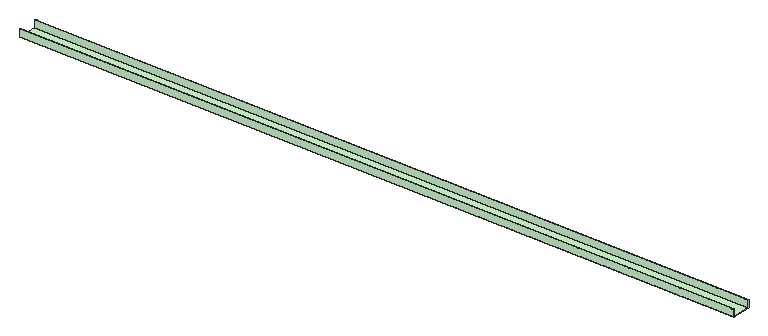
Revit family "sqrunner_100", category 機械設備, Revit 2022
Family settings
  丸型コネクタ寸法 = 直径を使用
  種別 = なし
  パーツ タイプ = 標準
  作業面ベース = いいえ
  常に垂直 = はい
  ロード時にボイドで切り取り = いいえ
  注釈の向きを維持 = いいえ
  共有 = いいえ
  部屋計算ポイント = いいえ
Parameters
  製造元 = "株式会社桐井製作所"
  既定の高さ = 0 mm
  URL = "https://www.kirii.co.jp/"
  K_長さ(mm) [instance] = 4000 mm
  K_材質 = "SGCC　一般用"
  K_外形寸法(mm) = "102×40×40"
  K_品名 = "SQ-ランナー100"
  K_名称 = "角型スタッド用ランナー"
  K_バージョン情報 = "20210524"
  K_めっき付着量 = "Z08"
  K_JIS規格 = "JIS G 3302"
Reference planes
  plane 1 "中心(正面/背面)": y = 0
  plane 2: z = 0
  plane 3 "中心(左/右)": x = 0
  plane 4: x = 4000
  plane 5: y = 51
  plane 6: y = -51
Forms (mm)
  Extrusion 1, solid
    sketch origin (0, 0, 0) x (0, 1, 0) y (0, 0, 1)
      loop
        line (-51, 0) -> (51, 0) -> (51, 40) -> (50.2, 40) -> (50.2, 0.8) -> (-50.2, 0.8) -> (-50.2, 40) -> (-51, 40) -> (-51, 0)
    from 0 to 4000
Dimensions and locks
  "K_長さ(mm)": plane 3 "中心(左/右)" to plane 4
  aligned and locked: level to plane 2
  aligned and locked: plane 4 to Extrusion 1
  aligned and locked: Extrusion 1 to plane 4
Automatic sketch dimensions
  Extrusion 1 sketch curve to level = 0 mm
  Extrusion 1 sketch curve to plane 6 = 0 mm
  Extrusion 1 sketch curve to Extrusion 1 sketch curve = 0.8 mm
  level to Extrusion 1 sketch curve = 0.8 mm
  Extrusion 1 sketch curve to Extrusion 1 sketch curve = 39.2 mm  (x2)
  Extrusion 1 sketch curve to plane 5 = 0 mm
  Extrusion 1 sketch curve to plane 5 = 0.8 mm
